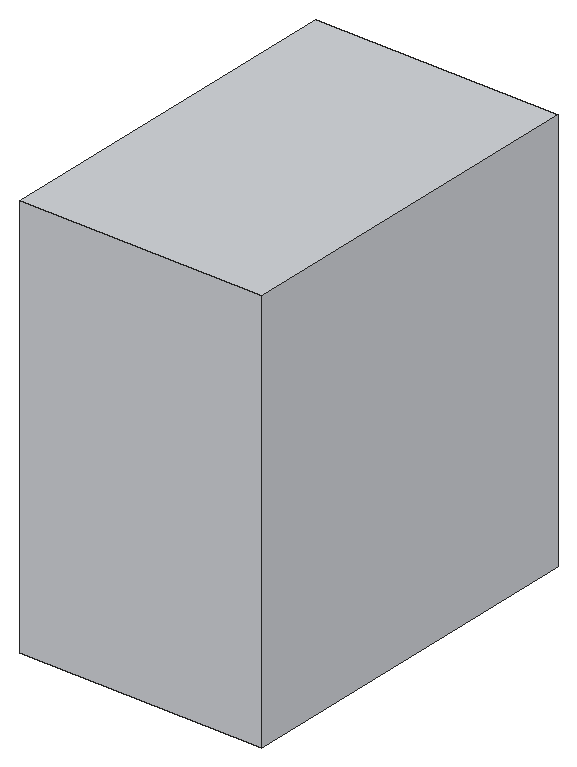
Revit family
Parameters
  Warranty Duration (Years) = 0
  Unit Width [instance] = 1' - 4 1/16"
  Unit Height [instance] = 3' - 5 1/4"
  Unit Depth = 0' - 0 1/2"
  URL = "http://www.americanspecialties.com/viewCategories.cfm"
  Trim Material = Metal - Stainless Steel
  Test Data = ""
  Specification = "http://www.arcat.com/sdspecs/htm/10810asi.htm"
  SpecWizard = ""
  Send Message = "http://www.arcat.com/users.pl?action=UserEmail&company=American%20Specialties,%20Inc.&coid=30448&rep=139&fax=914-476-0688&mf="
  Sales Information = "http://www.americanspecialties.com/contact"
  Revision = "R1_10-2010"
  Product Properties = "http://www.americanspecialties.com/datasheets/64696-6%20R2%20.pdf"
  Product Data = "http://www.arcat.com/arcatcos/cos30/arc30448.html"
  Model = "As Specified in 10 28 13"
  Manufacturer Website = "http://www.americanspecialties.com/viewCategories.cfm"
  Manufacturer Phone - Toll Free = ""
  Manufacturer Phone = "914-476-9000 "
  Manufacturer Fax = "914-476-0688"
  Manufacturer Address = "441 Saw Mill River Rd., Yonkers, NY 10701"
  Manufacturer = "American Specialties, Inc."
  Maintenance Schedule (Months) = 0
  Keynote = "10 28 13"
  Installation-Fabrication = "http://www.americanspecialties.com/products.cfm"
  Green Building-LEED = ""
  Expected Lifespan (Years) = 0
  Drawn By = "Robert S. Weygant. CSI, CDT, SCIP"  # constant formula
  Description = "Toilet Accessory as Specified in 10 28 13"
  Default Elevation = 4' - 0"
  Copyright = "©Arcat Inc."
  Construction Details = "http://www.arcat.com/green/clients/leed_data_30448.html"
  Building Codes = "http://www.americanspecialties.com/products.cfm"
  Body Material = Metal - Stainless Steel
  Assembly Code = "C1030210"
Reference planes (in)
  plane 1 "Center (Front/Back)": y = -0.29112
  plane 2 "Floor Line": z = 0
  plane 3 "Center (Left/Right)": x = -0.65843
Forms (in)
  Extrusion 1, solid
    sketch origin (-3, -9, -6) x (0, 0, -1) y (1, 0, 0)
      loop
        line (-82, 26) -> (-82, -19.34712) -> (-6, -19.34712) -> (-6, 26) -> (-82, 26)
    from 28.29112 to -41.06337
  Extrusion 2, solid, material "Metal - Stainless Steel" <- "Body Material"
    sketch origin (0, 0, 6) x (1, 0, 0) y (0, 1, 0)
      loop
        line (-7.68968, 19.33388) -> (-7.68968, -19.91612) -> (6.37282, -19.91612) -> (6.37282, 19.33388) -> (-7.68968, 19.33388)
    from 0 to -9.125
  Extrusion 3, solid, material "Metal - Stainless Steel" <- "Body Material"
    sketch origin (-0.90625, -0.29112, 6) x (1, 0, 0) y (0, 0, 1)
      loop
        line (-7.78343, 0) -> (8.27907, 0) -> (8.27907, 0.5) -> (-7.78343, 0.5) -> (-7.78343, 0)
    from -20.625 to 20.625
  Extrusion 4, solid, material "Metal - Stainless Steel" <- "Trim Material"
    sketch origin (0, 0, 5.5625) x (1, 0, 0) y (0, 1, 0)
      loop
        circle (5.37282, 11.83388) r 0.5
      loop
        line (5.316, 11.41524) -> (5.42963, 11.41524) -> (5.42963, 12.26475) -> (5.316, 12.26475) -> (5.316, 11.41524)
      loop
        circle (5.37282, -12.41612) r 0.5
      loop
        line (5.316, -11.99747) -> (5.316, -12.84698) -> (5.42963, -12.84698) -> (5.42963, -11.99747) -> (5.316, -11.99747)
    from 0.9375 to 1
  Extrusion 5, void
    sketch origin (-0.65843, 0, 6) x (0, 1, 0) y (0, 0, 1)
      loop
        line (6.70888, 0.5) -> (-1.79112, 0.5) -> (-1.79112, -8.72533) -> (6.70888, -8.72533) -> (6.70888, 0.5)
    from -6.03125 to 6.03125
  Extrusion 6, solid, material "Metal - Stainless Steel" <- "Body Material"
    sketch origin (0, 0, 6) x (1, 0, 0) y (0, 1, 0)
      loop
        line (-6.68968, 6.70888) -> (-6.68968, 4.20888) -> (5.37282, 4.20888) -> (5.37282, 6.70888) -> (4.87282, 6.70888) -> (4.41108, 4.70888) -> (-5.72795, 4.70888) -> (-6.18968, 6.70888) -> (-6.68968, 6.70888)
    from 0 to -8.72533
  Extrusion 7, solid, material "Metal - Stainless Steel" <- "Trim Material"
    sketch origin (0, 0, 6) x (1, 0, 0) y (0, 1, 0)
      loop
        line (2.98508, 14.70888) -> (2.98508, 9.70888) -> (3.98508, 9.70888) -> (3.98508, 14.70888) -> (2.98508, 14.70888)
      loop
        line (3.04758, 9.77138) -> (3.92258, 9.77138) -> (3.92258, 14.64638) -> (3.04758, 14.64638) -> (3.04758, 9.77138)
    from 0.5 to 0.5625
  Extrusion 8, void
    sketch origin (0.0184, 0, 6) x (1, 0, 0) y (0, 1, 0)
      loop
        line (3.27142, 14.39428) -> (3.27142, 9.92475) -> (3.66193, 9.92475) -> (3.66193, 14.39428) -> (3.27142, 14.39428)
    from 0.04464 to 0.5
  Extrusion 9, solid, material "Metal - Stainless Steel" <- "Trim Material"
    sketch origin (-0.23664, -0.01827, 5.88024) x (0, 1, 0) y (0, 0, 1)
      loop
        line (14.48996, 0.86976) -> (14.23996, 1.36976) -> (13.98996, 1.36976) -> (13.98996, 0.86976) -> (14.48996, 0.86976)
    from 3.44343 to 4
  Extrusion 10, solid, material "Metal - Stainless Steel" <- "Trim Material"
    sketch origin (-0.65843, -0.09978, 5.88024) x (0, 1, 0) y (0, 0, 1)
      loop
        line (14.49406, 0.86976) -> (14.1489, 0.86976) -> (14.1489, 0.1644) -> (14.49406, 0.1644) -> (14.49406, 0.86976)
    from 3.94825 to 4.33876
  Extrusion 11, solid, material "Metal - Stainless Steel" <- "Body Material"
    sketch origin (0, 0, 0) x (1, 0, 0) y (0, 1, 0)
      loop
        line (-8.68968, 20.33388) -> (-8.68968, -20.91612) -> (7.37282, -20.91612) -> (7.37282, 20.33388) -> (-8.68968, 20.33388)
      loop
        line (-7.68968, 19.33388) -> (-7.68968, -19.91612) -> (6.37282, -19.91612) -> (6.37282, 19.33388) -> (-7.68968, 19.33388)
    from 0 to 6
  Extrusion 12, solid, material "Metal - Stainless Steel" <- "Body Material"
    sketch origin (0, 0, 0) x (1, 0, 0) y (0, 1, 0)
      loop
        line (-6.68968, 6.70888) -> (-6.68968, 4.20888) -> (5.37282, 4.20888) -> (5.37282, 6.70888) -> (4.87282, 6.70888) -> (4.41108, 4.70888) -> (-5.72795, 4.70888) -> (-6.18968, 6.70888) -> (-6.68968, 6.70888)
    from 0 to 6
  Extrusion 13, void
    sketch origin (0, 0, 0) x (1, 0, 0) y (0, 1, 0)
      loop
        line (3.28982, 14.39428) -> (3.28982, 9.98371) -> (3.68033, 9.98371) -> (3.68033, 14.39428) -> (3.28982, 14.39428)
    from 6.23715 to 6.5
  Extrusion 14, void
    sketch origin (0, 0, 0) x (1, 0, 0) y (0, 1, 0)
      loop
        line (-7.68968, 19.33388) -> (-7.68968, -19.91612) -> (6.37282, -19.91612) -> (6.37282, 19.33388) -> (-7.68968, 19.33388)
    from 0 to -3.125
Cuts and joins
  Extrusion 5, Extrusion 13 cuts Extrusion 2
  Extrusion 5, Extrusion 13 cuts Extrusion 3
  Extrusion 5 cuts Extrusion 4
  Extrusion 5 cuts Extrusion 6
  Extrusion 8 cuts Extrusion 7
  Extrusion 8 cuts Extrusion 10
  Extrusion 13 cuts Extrusion 11
Dimensions and locks (in)
  Extrusion 3 sketch curve to Extrusion 3 sketch curve = 1' - 4 1/16"
  Extrusion 3 sketch curve to Extrusion 3 sketch curve = 0' - 0 1/2"
  aligned and locked: Extrusion 1 to level
  aligned and locked: Extrusion 11 to cut or joined group of Extrusion 2, Extrusion 5, Extrusion 13
